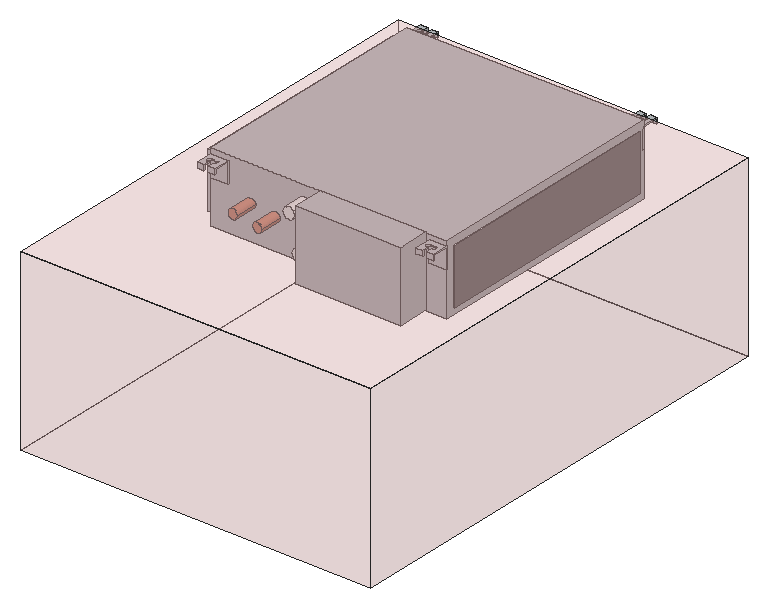
Revit family "PEFY-WP25VMS1-E_Service_Area1", category Mechanical Equipment, host Ceiling, Revit 2012
Parameters (values of type "PEFY-WP25VMS1-E_240V_50Hz")
  Description = "Ceiling concealed"
  Manufacturer = "Mitsubishi Electric Corporation"
  Model = "PEFY-WP25VMS1-E"
  Width = 790 mm
  Water Pipe_radius (To HBC Unit) = 13.2 mm
  Water Pipe_radius (From HBC Unit) = 13.2 mm
  WarrantyStart = ""
  Voltage = 240 V
  Unit Weight (kg) = 20
  URL = "http://www.mitsubishielectric.com/"
  TagNumber = 0
  Subcategory = "HVAC"
  Space View = yes
  Sound Pressure Level_Mid (dB(A)) = 26
  Sound Pressure Level_Low (dB(A)) = 23
  Sound Pressure Level_High (dB(A)) = 30
  SerialNumber = 0
  ReplacementYear = ""
  Protection Device = "Fuse"
  Phase = 1
  Maximum Circuit Ampacity (A) = 0.75
  InstallationDate = ""
  Hertz = 50 Hz
  Height = 200 mm
  Heating Power Input (kW) = 0.04
  Heating Current (A) = 0.4
  Heating Capacity (kW) = 3.2
  Fan_Type = "Sirocco fan"
  Fan_Quantity = 2
  Fan Motor Output (kW) = 0.096
  External_static_pressure (Pa) = "5-15-35-50"
  External Finish = "Galvanized steel plate"
  Equip_description = ""
  Equip_No. = 0
  Equip_ID = ""
  Drain pipe2_radius = 16 mm
  Drain pipe1_radius = 16 mm
  Description = ""
  Depth = 700 mm
  CreatedOn = ""
  CreatedBy = ""
  Cooling Power Input (kW) = 0.06
  Cooling Current (A) = 0.51
  Cooling Capacity (kW) = 2.8
  Category = ""
  Barcode = ""
  AssetIdentifier = ""
  Airflow Rate_Mid (m3/min) = 7
  Airflow Rate_Mid (m3/h) = 420
  Airflow Rate_Low (m3/min) = 5.5
  Airflow Rate_Low (m3/h) = 330
  Airflow Rate_High (m3/min) = 9
  Airflow Rate_High (m3/h) = 540
Types (6, lengths in mm): name | Voltage | Hertz
  PEFY-WP25VMS1-E_220V_50Hz | 220 V | 50 Hz
  PEFY-WP25VMS1-E_220V_60Hz | 220 V | 60 Hz
  PEFY-WP25VMS1-E_230V_50Hz | 230 V | 50 Hz
  PEFY-WP25VMS1-E_230V_60Hz | 230 V | 60 Hz
  PEFY-WP25VMS1-E_240V_50Hz | 240 V | 50 Hz
  PEFY-WP25VMS1-E_240V_60Hz | 240 V | 60 Hz
Reference planes
  plane 1 "Center (Front/Back)": y = 0
  plane 2: z = 0
  plane 3 "Center (Left/Right)": x = 0
  plane 4 "Ceiling": z = 3750
  plane 5: z = 4050
  plane 6: y = -990
  plane 7: z = 4250
  plane 8: y = -350
  plane 9: y = 350
  plane 10: y = 350
  plane 11: z = 4235
  plane 12: x = 325
  plane 13: x = 350
  plane 14: x = -300
  plane 15: x = -350
  plane 16: z = 4230
  plane 17: x = -57
  plane 18: z = 4202
  plane 19: z = 4080
  plane 20: x = -211
  plane 21: x = -141
  plane 22: z = 4148
  plane 23: z = 4138
  plane 24: y = -440
Forms (mm)
  Extrusion 1, solid, material "Plated steel"
    sketch origin (88.259, -337.375, 3750) x (1, 0, 0) y (0, 1, 0)
      loop
        line (-415.259, 687.375) -> (-415.259, -12.625) -> (261.741, -12.625) -> (261.741, 687.375) -> (-415.259, 687.375)
    from 300 to 500
  Extrusion 2, solid, material "Service space", visible <- "Space View"
    sketch origin (-2000, 6000, 4050) x (0, 1, 0) y (1, 0, 0)
      loop
        line (-7000, 1650) -> (-5650, 1650) -> (-5650, 2650) -> (-7000, 2650) -> (-7000, 1650)
    from 300 to -210
  Extrusion 3, solid
    sketch origin (0, 0, 0) x (0, 1, 0) y (0, 0, 1)
      loop
        line (-330, 4230) -> (-330, 4071) -> (330, 4071) -> (330, 4230) -> (-330, 4230)
    from 350 to 355
  Extrusion 4, solid
    sketch origin (-350, 0, 4250) x (0, 0, 1) y (0, -1, 0)
      loop
        line (-20, 330) -> (-179, 330) -> (-179, -330) -> (-20, -330) -> (-20, 330)
    from 0 to 23
  Extrusion 5, solid
    sketch origin (794.259, -350, 3750) x (-1, 0, 0) y (0, 0, -1)
      loop
        circle (851.259, -452) r 16
    from 0 to 57
  Extrusion 6, solid
    sketch origin (794.259, -350, 3750) x (-1, 0, 0) y (0, 0, -1)
      loop
        circle (851.259, -330) r 16
    from 0 to 25
  Extrusion 7, solid
    sketch origin (794.259, -350, 3750) x (-1, 0, 0) y (0, 0, -1)
      loop
        line (505.751, -500) -> (805.751, -500) -> (805.751, -300) -> (505.751, -300) -> (505.751, -500)
    from 0 to 90
  Extrusion 8, solid
    sketch origin (794.259, -350, 3750) x (-1, 0, 0) y (0, 0, -1)
      loop
        circle (1005.259, -398) r 13.2
      loop
        circle (935.259, -388) r 13.2
    from 0 to 64
Lines and regions (mm)
  model lines
    curve 1: line (-300, 300, 3750) -> (150, 300, 3750)
    curve 2: line (-300, -150, 3750) -> (-300, 300, 3750)
    curve 3: line (150, -150, 3750) -> (-300, -150, 3750)
    curve 4: line (150, 300, 3750) -> (150, -150, 3750)
    curve 5: line (125, -550, 3750) -> (575, -550, 3750)
    curve 6: line (125, -1000, 3750) -> (125, -550, 3750)
    curve 7: line (575, -1000, 3750) -> (125, -1000, 3750)
    curve 8: line (575, -550, 3750) -> (575, -1000, 3750)
Dimensions and locks
  equal spacing: host sketch curve, plane 3 "Center (Left/Right)", host sketch curve
  equal spacing: host sketch curve, plane 1 "Center (Front/Back)", host sketch curve
  host sketch curve to host sketch curve = 4000 mm  (x2)
  locked: plane 4 "Ceiling" to host ceiling at 0
  Extrusion 1 to Extrusion 1 = 700 mm
  Extrusion 1 to plane 1 "Center (Front/Back)" = 350 mm
  plane 5 to Extrusion 1 = 200 mm
  plane 7 to plane 5 = 200 mm
  plane 4 "Ceiling" to plane 5 = 300 mm
  Extrusion 1 to Extrusion 1 = 677 mm
  plane 8 to plane 10 = 700 mm
  locked: plane 11 to plane 7 at 15
  locked: plane 16 to plane 7 at 20
  locked: Extrusion 3 to plane 16 at 159
  locked: Extrusion 4 to plane 16 at 159
  plane 7 to plane 18 to plane 19 = 48 mm locked, 122 mm locked
  locked: Extrusion 7 to Extrusion 7 at 200
  plane 7 to plane 22 to plane 23 = 102 mm locked, 10 mm locked
  aligned and locked: plane 5 to Extrusion 1
  aligned and locked: Extrusion 1 to plane 7
  aligned and locked: plane 8 to Extrusion 1
  aligned and locked: plane 10 to Extrusion 1
  aligned and locked: nested 1 to Extrusion 1
  aligned and locked: nested 1 to plane 14
  aligned and locked: nested 1 to plane 11
  aligned and locked: nested 2 to plane 11
  aligned and locked: plane 11 to nested 4
  aligned and locked: plane 11 to nested 3
  aligned and locked: nested 4 to plane 10
  aligned and locked: nested 3 to plane 10
  aligned and locked: Extrusion 3 to plane 16
  aligned and locked: Extrusion 4 to plane 16
  aligned and locked: plane 8 to nested 2
  aligned and locked: plane 18 to Extrusion 5
  aligned and locked: plane 19 to Extrusion 6
  aligned and locked: Extrusion 7 to plane 7
  aligned and locked: plane 22 to Extrusion 8
  aligned and locked: plane 23 to Extrusion 8
Nested families
  nested 1: "LEG" at (-300, -376, 4235), type "LEG_28"
  nested 2: "LEG" at (325, -376, 4235), type "LEG_28"
  nested 3: "LEG" at (-300, 376, 4235), type "LEG_28"
  nested 4: "LEG" at (325, 376, 4235), type "LEG_28"
Connectors
  piping at (-57, -407, 4202), driven by "Drain pipe1_radius"
    settings: on Extrusion 5, index 1, connector radius 16 mm, flow factor 0, pipe flow 0.0 L/s, pressure drop 0.0 Pa, fitting loss kfactor 0, connector angle 0.00°, fixture units 0, engagement length 0 mm, flow configuration 0, flow direction 2, fitting loss method 0, system type 22, joint type 0, gender type 0, connector reference index -1, connector utility 0, adjustable connector no, is connector primary yes, fitting loss table "", connector description "Drain pipe"
  piping at (-57, -375, 4080), driven by "Drain pipe2_radius"
    settings: on Extrusion 6, index 2, connector radius 16 mm, flow factor 0, pipe flow 0.0 L/s, pressure drop 0.0 Pa, fitting loss kfactor 0, connector angle 0.00°, fixture units 0, engagement length 0 mm, flow configuration 0, flow direction 2, fitting loss method 0, system type 22, joint type 0, gender type 0, connector reference index -1, connector utility 0, adjustable connector no, is connector primary no, fitting loss table "", connector description "Drain pipe"
  piping at (-141, -414, 4138)
    settings: on Extrusion 8, index 3, connector radius 13.2 mm, flow factor 0, pipe flow 0.0 L/s, pressure drop 0.0 Pa, fitting loss kfactor 0, connector angle 0.00°, fixture units 0, engagement length 0 mm, flow configuration 0, flow direction 1, fitting loss method 0, system type 23, joint type 0, gender type 0, connector reference index -1, connector utility 0, adjustable connector no, is connector primary no, fitting loss table "", connector description "Water Pipe (From HBC Unit)"
  piping at (-211, -414, 4148)
    settings: on Extrusion 8, index 4, connector radius 13.2 mm, flow factor 0, pipe flow 0.0 L/s, pressure drop 0.0 Pa, fitting loss kfactor 0, connector angle 0.00°, fixture units 0, engagement length 0 mm, flow configuration 0, flow direction 2, fitting loss method 0, system type 22, joint type 0, gender type 0, connector reference index -1, connector utility 0, adjustable connector no, is connector primary no, fitting loss table "", connector description "Water Pipe (To HBC Unit)"
  hvac at (355, 0, 4150.5)
    settings: on Extrusion 3, index 5, duct flow 0.0 L/s, flow factor 0, pres drop 0.0 Pa, loss coef 0, conn angle 0.00°, conn width 660 mm, conn height 160 mm, conn radius 304.8 mm, duct sys type 1, conn prof type 1, flow config 0, flow direction 1, loss method 0, conn ref index -1, conn util no, is conn primary yes, conn desc "Air inlet"
  hvac at (-350, 0, 4150.5)
    settings: on Extrusion 4, index 6, duct flow 0.0 L/s, flow factor 0, pres drop 0.0 Pa, loss coef 0, conn angle 0.00°, conn width 660 mm, conn height 150 mm, conn radius 304.8 mm, duct sys type 3, conn prof type 1, flow config 0, flow direction 2, loss method 0, conn ref index -1, conn util no, is conn primary no, conn desc "Air outlet"
  electrical at (288.508, -395, 4150), driven by "Phase", driven by "Voltage"
    settings: on Extrusion 7, index 7, voltage 240 V, apparent load 0 VA, apparent load phase1 0 VA, apparent load phase2 0 VA, apparent load phase3 0 VA, power factor 1, load classification "Other", number of poles 1, system type 30, power factor state 1, is connector primary yes, connector utility no, sub classification motor no, connector description ""
Definition of nested family "LEG"
  Parameters (values of type "LEG_28")
    product distance = 28 mm
  Reference planes
    plane 1 "中心(正面/背面)": y = 0
    plane 2: z = 0
    plane 3 "中心(左/右)": x = 0
    plane 4: x = -25
    plane 5: x = 25
    plane 6: y = -23
    plane 7: y = 28
    plane 8: x = -8
    plane 9: x = 8
    plane 10: x = -6
    plane 11: x = 6
  Forms (mm)
    Extrusion 1, solid, material "Plated steel"
      sketch origin (0, 0, 0) x (1, 0, 0) y (0, 1, 0)
        loop
          line (-25, 26) -> (-25, -23) -> (25, -23) -> (25, 26) -> (-25, 26)
      from 0 to -60
    Extrusion 2, void
      sketch origin (0, 0, 0) x (0, 1, 0) y (0, 0, 1)
        loop
          line (-20.7, -2.3) -> (-20.7, -15) -> (-23, -15) -> (-23, -60) -> (24, -60) -> (24, -2.3) -> (-20.7, -2.3)
      from -25 to 25
    Extrusion 3, void
      sketch origin (0, 0, 0) x (1, 0, 0) y (0, 1, 0)
        loop
          arc (-8, 7) -> (-15, 0) -> (-8, -7) r 7
          line (-8, -7) -> (-6, -7) -> (-6, -23) -> (6, -23) -> (6, -7) -> (8, -7)
          arc (8, -7) -> (15, 0) -> (8, 7) r 7
          line (8, 7) -> (-8, 7)
      from 0 to -60
  Cuts and joins
    Extrusion 2, Extrusion 3 cuts Extrusion 1
  Dimensions and locks
    locked: Extrusion 1 sketch curve to Extrusion 1 sketch curve at 50
    equal spacing: Extrusion 1 sketch curve, plane 3 "中心(左/右)", Extrusion 1 sketch curve
    locked: plane 6 to plane 1 "中心(正面/背面)" at 23
    "product distance": plane 1 "中心(正面/背面)" to plane 7
    plane 7 to Extrusion 2 sketch curve = 4 mm
    locked: cut or joined group of Extrusion 1, Extrusion 2, Extrusion 3 to cut or joined group of Extrusion 1, Extrusion 2, Extrusion 3 at 2.3  (x2)
    aligned and locked: level to plane 2
    aligned and locked: Extrusion 2 to Extrusion 1
    aligned and locked: Extrusion 1 to Extrusion 2
    aligned and locked: Extrusion 2 sketch curve to cut or joined group of Extrusion 1, Extrusion 2, Extrusion 3  (x2)
    aligned and locked: cut or joined group of Extrusion 1, Extrusion 2, Extrusion 3 to Extrusion 3 sketch curve
    aligned and locked: plane 6 to Extrusion 1 sketch curve
  Automatic sketch dimensions
    Extrusion 2 sketch curve to plane 6 = 2.3 mm
    Extrusion 2 sketch curve to level = 15 mm
    Extrusion 2 sketch curve to level = 2.3 mm
    plane 1 "中心(正面/背面)" to Extrusion 3 sketch curve = 0 mm  (x2)
    Extrusion 3 sketch curve to plane 8 = 0 mm
    Extrusion 3 sketch curve to plane 10 = 0 mm
    Extrusion 3 sketch curve to plane 11 = 0 mm
    Extrusion 3 sketch curve to plane 9 = 0 mm  (x2)
    plane 1 "中心(正面/背面)" to Extrusion 3 sketch curve = 7 mm
    plane 7 to Extrusion 1 sketch curve = 2 mm
